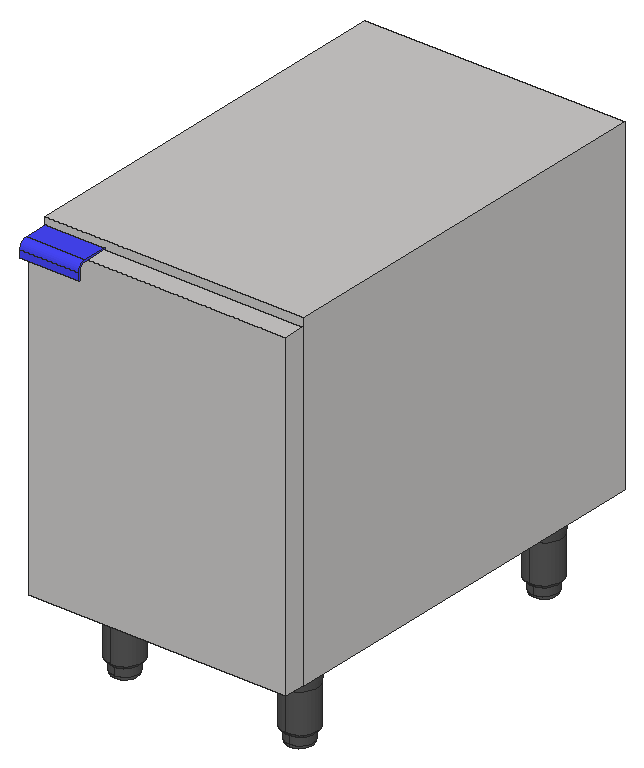
Revit family "QF_CAPIC_AVEN_W543031", category Equipement spécialisé, Revit 2018
Family settings
  Cote de connecteur circulaire = Utiliser le diamètre
  Type d'élément = Normal
  Numéro OmniClass = 23.40.40.14
  Titre OmniClass = Food Service Equipment
  Basée sur le plan de construction = Non
  Toujours verticalement = Oui
  Couper avec des vides une fois chargée = Non
  Partagée = Non
  Point de calcul de pièce = Non
Parameters (values of type "400 mm")
  URL catalogue = "http://www.capic-fr.com/fr/"
  Type de Raccord Plomberie [instance] = ""
  Type de Raccord Electrique [instance] = ""
  Type de Gaz = ""
  Type article [instance] = ""
  Tension = 0 V
  Spécification du Fabricant = ""
  Show Logo = yes
  Remarques evacuation [instance] = ""
  Remarques Plomberie [instance] = ""
  Remarques Electricité [instance] = ""
  Puissance électrique  = 0 W
  Puissance Gaz kW = 0
  Profondeur hors tout = 671 mm
  Pression Maximum Eau Adoucie = 0.0 Pa
  Poids net à vide = 30.00 kg
  Phase = 0
  Modèle = "W543031"
  Longueur hors tout = 400 mm
  Intensité nominale = 0 A
  Hauteur hors tout = 638 mm
  Hauteur de Raccordement du Sol Finis = 0 mm
  Hauteur de Raccordement Gaz du Sol Finis = 0 mm
  Hauteur de Raccordement Evacuation Directe du Sol Finis = 0 mm
  Hauteur de Raccordement Eau Froide du Sol Finis = 0 mm
  Hauteur de Raccordement Eau Chaude du Sol Finis = 0 mm
  Hauteur de Raccordement Eau Adoucie du Sol Finis = 0 mm
  Fréquence = 0 Hz
  Fabricant = "CAPIC"
  Etagere intermédiaire (option) [instance] = no
  Débit d'air d'extraction = 0.0 m³/h
  Débit Gaz = 0.0 L/s
  Débit Eau Froide = 0.0 L/s
  Débit Eau Chaude = 0.0 L/s
  Débit Eau Adoucie = 0.0 L/s
  Diamètre de Raccordement Gaz = 0 mm
  Diamètre de Raccordement Evacuation = 0 mm
  Diamètre de Raccordement Eau Froide = 0 mm
  Diamètre de Raccordement Eau Chaude = 0 mm
  Diamètre de Raccordement Eau Adoucie = 0 mm
  Description = "Placard fermé 1 porte"
  Assembly Code = ""
  Classification  Omniclass nombre et titre = "23.40.40.14"
Reference planes
  plane 1 "Centre (avant/arrière)": y = 0
  plane 2: z = 0
  plane 3 "Centre (gauche/droite)": x = 0
  plane 4: x = 400
  plane 5: y = -662
  plane 6: y = -45
  plane 7: x = 25
  plane 8: x = 375
  plane 9: y = -69
  plane 10: y = -539
  plane 11: x = 35
  plane 12: x = 365
  plane 13: x = 2
  plane 14: x = 398
  plane 15: y = -694.5
  plane 16: z = 627
  plane 17: y = -712
  plane 18: z = 625
  plane 19: y = -710
  plane 20: z = 603
  plane 21: x = 92
  plane 22: y = -1075
Forms (mm)
  Extrusion 1, solid, material "QF_Stainless Steel-Brushed"
    sketch origin (0, 0, 0) x (1, 0, 0) y (0, 1, 0)
      loop
        line (0, -45) -> (0, -662) -> (400, -662) -> (400, -45) -> (0, -45)
    from 130 to 638
  Extrusion 2, void
    sketch origin (0, 0, 0) x (1, 0, 0) y (0, 1, 0)
      loop
        line (35, -69) -> (35, -662) -> (365, -662) -> (365, -69) -> (35, -69)
    from 175 to 608
  Extrusion 3, solid, material "QF_Stainless Steel-Brushed", visible <- "Etagere intermédiaire (option)"
    sketch origin (0, 0, 0) x (1, 0, 0) y (0, 1, 0)
      loop
        line (35, -69) -> (35, -662) -> (365, -662) -> (365, -69) -> (35, -69)
    from 370 to 400
  Extrusion 4, solid, material "QF_Stainless Steel-Brushed"
    sketch origin (0, 0, 0) x (1, 0, 0) y (0, 1, 0)
      loop
        line (2, -662) -> (2, -694.5) -> (398, -694.5) -> (398, -662) -> (2, -662)
    from 130 to 625
  Extrusion 5, solid, material "QF_Metal Sheet-Blue"
    sketch origin (0, 0, 0) x (0, 1, 0) y (0, 0, 1)
      loop
        line (-662, 627) -> (-700, 627)
        arc (-700, 627) -> (-708.485, 623.485) -> (-712, 615) r 12
        line (-712, 615) -> (-712, 603) -> (-710, 603) -> (-710, 615)
        arc (-710, 615) -> (-707.071, 622.071) -> (-700, 625) r 10
        line (-700, 625) -> (-662, 625) -> (-662, 627)
    from 2 to 92
Cuts and joins
  Extrusion 2 cuts Extrusion 1
Lines and regions (mm)
  symbolic lines, style "SpecialityEquipmentHiddenLines"
    curve 1: arc (398, -1075, 0) -> (123.261, -964.482, 0) -> (1.583, -694.5, 0) r 396.75
  symbolic lines
    curve 2: line (398, -1075, 0) -> (398, -694.5, 0)
Dimensions and locks
  "Longueur hors tout": plane 3 "Centre (gauche/droite)" to plane 4
  plane 5 to plane 6 to plane 1 "Centre (avant/arrière)" = 617 mm locked, 45 mm locked
  plane 6 to plane 9 to plane 10 = 24 mm locked, 470 mm locked
  locked: plane 3 "Centre (gauche/droite)" to plane 7 at 25
  locked: plane 8 to plane 4 at 25
  locked: plane 3 "Centre (gauche/droite)" to plane 11 at 35
  locked: plane 12 to plane 4 at 35
  locked: plane 3 "Centre (gauche/droite)" to plane 13 at 2
  locked: plane 14 to plane 4 at 2
  locked: plane 5 to plane 15 at 32.5
  locked: plane 16 to plane 18 at 2
  locked: plane 19 to plane 17 at 2
  locked: plane 5 to plane 17 at 50
  locked: plane 16 to plane 20 at 24
  locked: plane 13 to plane 21 at 90
  aligned and locked: level to plane 2
  aligned and locked: plane 9 to nested 1
  aligned and locked: nested 1 to plane 7
  aligned and locked: plane 10 to nested 2
  aligned and locked: nested 2 to plane 7
  aligned and locked: plane 8 to nested 3
  aligned and locked: plane 9 to nested 3
  aligned and locked: plane 8 to nested 4
  aligned and locked: plane 10 to nested 4
  aligned and locked: Extrusion 2 sketch curve to plane 9
  aligned and locked: plane 11 to Extrusion 2 sketch curve
  aligned and locked: plane 5 to Extrusion 2 sketch curve
  aligned and locked: Extrusion 2 sketch curve to plane 12
  aligned and locked: Extrusion 4 sketch curve to plane 5
  aligned and locked: plane 13 to Extrusion 4 sketch curve
  aligned and locked: plane 15 to Extrusion 4 sketch curve
  aligned and locked: Extrusion 4 sketch curve to plane 14
  aligned and locked: plane 18 to Extrusion 4
  aligned and locked: Extrusion 5 sketch curve to plane 16
  aligned and locked: plane 18 to Extrusion 5 sketch curve
  aligned and locked: Extrusion 5 sketch curve to plane 5
  aligned and locked: plane 20 to Extrusion 5 sketch curve
  aligned and locked: plane 19 to Extrusion 5 sketch curve
  aligned and locked: Extrusion 5 to plane 13
  aligned and locked: plane 21 to Extrusion 5
Automatic sketch dimensions
  Extrusion 1 sketch curve to plane 3 "Centre (gauche/droite)" = 0 mm
  Extrusion 1 sketch curve to plane 4 = 0 mm
  Extrusion 1 sketch curve to plane 5 = 0 mm
  Extrusion 1 sketch curve to plane 6 = 0 mm
  Extrusion 3 sketch curve to plane 5 = 0 mm
  Extrusion 3 sketch curve to plane 11 = 0 mm
  Extrusion 3 sketch curve to plane 12 = 0 mm
  Extrusion 3 sketch curve to plane 9 = 0 mm
  Extrusion 5 sketch curve to Extrusion 5 sketch curve = 0 mm
  Extrusion 5 sketch curve to plane 17 = 0 mm
  Extrusion 5 sketch curve to plane 15 = 5.5 mm
  curve 1 to plane 15 = 0 mm
  curve 2 to plane 14 = 0 mm
  curve 1 to plane 22 = 0 mm
  curve 2 to plane 15 = 0 mm
  curve 1 to plane 5 = 16.25 mm
Nested families
  nested 1: "QF_Details_Pied" at (13.5, -119, 0) x (0, -1, 0) z (0, 0, 1), type "QF_Details_Pied"
  nested 2: "QF_Details_Pied" at (13.5, -589, 0) x (0, -1, 0) z (0, 0, 1), type "QF_Details_Pied"
  nested 3: "QF_Details_Pied" at (283.5, -119, 0) x (0, -1, 0) z (0, 0, 1), type "QF_Details_Pied"
  nested 4: "QF_Details_Pied" at (283.5, -589, 0) x (0, -1, 0) z (0, 0, 1), type "QF_Details_Pied"
Definition of nested family "QF_Details_Pied"
  Reference planes
    plane 1 "Centre (avant/arrière)": y = 0
    plane 2: z = 0
    plane 3 "Centre (gauche/droite)": x = 0
  Forms (mm)
    Extrusion 1, solid
      sketch origin (-137.492, 51.5, -340.756) x (1, 0, 0) y (0, 0, 1)
        loop
          line (87.492, 481.756) -> (87.492, 472.756) -> (187.492, 472.756) -> (187.492, 481.756) -> (87.492, 481.756)
      from -40 to 40
    Revolve 2, solid
      sketch origin (0, 51.5, -9) x (1, 0, 0) y (0, 0, 1)
        loop
          line (0, 141) -> (0, 9) -> (19.21, 9) -> (19.21, 13) -> (20.21, 13) -> (20.21, 26) -> (21.71, 26) -> (26.66, 30.95) -> (26.66, 90.95) -> (31.468, 136.698) -> (36.246, 141) -> (0, 141)
        axis (0, 141) -> (0, 9)
      angle from 0 to 360
  Dimensions and locks
    aligned and locked: level to plane 2
    aligned and locked: Extrusion 1 to Revolve 2 sketch curve
